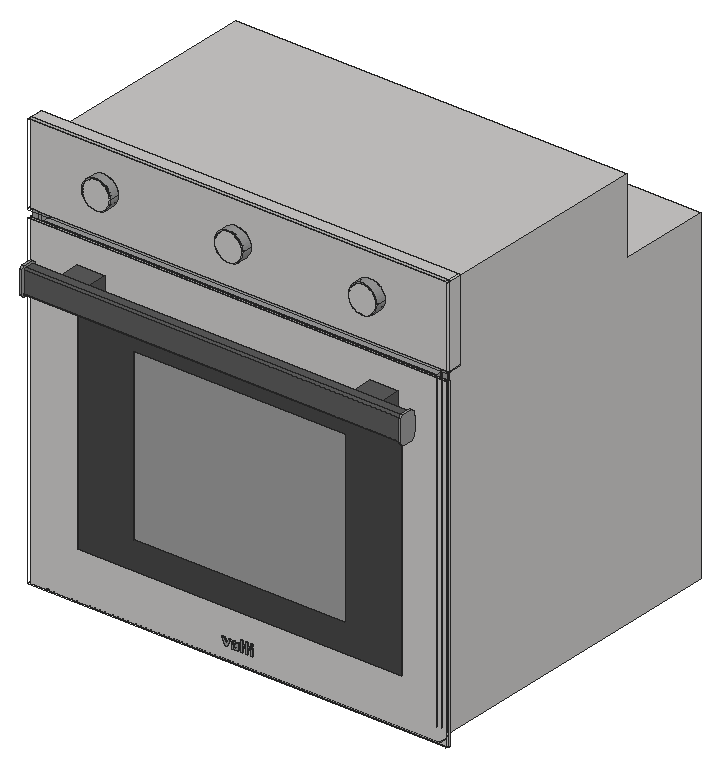
Revit family "53_OE619B-400SA", category Equipos especializados, Revit 2021
Family settings
  Cota de conector redondo = Diámetro de uso
  Tipo de pieza = Normal
  Se basa en plano de trabajo = No
  Siempre vertical = Sí
  Corte con vacíos al cargar = No
  Compartido = No
  Punto de cálculo de habitación = No
Parameters (values of type "OE619B-400SA")
  Volumen interior = "61 Litros"
  Voltage / Frecuencia = "220 V"
  Vidrio interior desmontable = "Easy Clean"
  URL = "www.vatti.cl"
  Tirador de puerta = "Acero Inox"
  Timer = "con Autoapagado"
  Termostato con luz indicadora = "Sí"
  Temporizador = "Sí"
  Temperatura Máxima = "250° C"
  Tamaño del producto = "600 x 600 x 515"
  Tamaño del corte en superficie = "600 x 600"
  Sello puerta = "Perimetral 100%"
  Rieles para bandejas = "Multiposición- Extraíbles"
  Puerta Vidiro = Panel Vidrio
  Puerta Negro = Panel Negro
  Puerta Interior = Interior Negro
  Potencia = "2035 W"
  Peso = "28,5 Kg"
  Perilla Interior = Perilla Negro
  Perilla Exterior = Acero Inox
  Paneles = "Vidrio - Acero Inox"
  Panel Control Cubierta = Panel Vidrio
  Panel Control = Panel Negro
  Modo de Control = "Con Autoapagado"
  Modelo = "OE619B-400SA"
  Fabricante = "Vatti"
  Luz Interior = "Sí"
  Instalación = "Empotrado"
  Grill = "Sí"
  Fondo = 51 cm
  Facilidad de Uso = "4 programas de cocción"
  Especificación Técnica = "Horno eléctrico empotrable, marca Vatti, modelo OE619B-400SA"
  Elevación por defecto = 0 cm
  Descripción = "Horno eléctrico empotrable, marca Vatti, modelo OE619B-400SA"
  Cuerpo Horno = Steel, Galvanized
  Creado por = "Unibim"
  Convección = "Forzada"
  Contacto teléfono = "+562 2 2478105"
  Contacto e-mail = "cvender@vatti.cl"
  Color Logo = Logo
  Asa Tope = Tapa Asa
  Asa Puerta de Horno = Iron, Gray
  Aprobaciones = "CE/GS/CB/SAA"
  Ancho = 60 cm
  Alto = 60 cm
  Aislación = "Triple Capa"
Reference planes (cm)
  plane 1 "Center (Front/Back)": y = 0
  plane 2: z = 0
  plane 3 "Center (Left/Right)": x = 0
  plane 4: z = 47.0672
  plane 5: y = 25.5
  plane 6: x = -30
  plane 7: x = 30
  plane 8: y = -25.5
  plane 9: x = -28.95
  plane 10: x = 28.95
  plane 11: z = 1.05
  plane 12: z = 48.0672
  plane 13: x = -28
  plane 14: x = 28
  plane 15: z = 60
Forms (cm)
  Extrusion 1, solid, material "Panel Vidrio" <- "Panel Control Cubierta"
    sketch origin (-91.772, -25.5, 400) x (-1, 0, 0) y (0, 0, 1)
      loop
        line (-61.922, -340.1328) -> (-121.622, -340.1328)
        arc (-121.622, -340.1328) -> (-121.728, -340.1768) -> (-121.772, -340.2828) r 0.15
        line (-121.772, -340.2828) -> (-121.772, -351.7828)
        arc (-121.772, -351.7828) -> (-121.728, -351.8889) -> (-121.622, -351.9328) r 0.15
        line (-121.622, -351.9328) -> (-61.922, -351.9328)
        arc (-61.922, -351.9328) -> (-61.8159, -351.8889) -> (-61.772, -351.7828) r 0.15
        line (-61.772, -351.7828) -> (-61.772, -340.2828)
        arc (-61.772, -340.2828) -> (-61.8159, -340.1768) -> (-61.922, -340.1328) r 0.15
    from 0 to 0.5
  Extrusion 2, solid, material "Panel Vidrio" <- "Puerta Vidiro"
    sketch origin (-91.772, -25.5, 400) x (-1, 0, 0) y (0, 0, 1)
      loop
        line (-121.772, -352.9328) -> (-121.772, -399.85)
        arc (-121.772, -399.85) -> (-121.728, -399.9561) -> (-121.622, -400) r 0.15
        line (-121.622, -400) -> (-61.922, -400)
        arc (-61.922, -400) -> (-61.8159, -399.9561) -> (-61.772, -399.85) r 0.15
        line (-61.772, -399.85) -> (-61.772, -352.9328) -> (-121.772, -352.9328)
    from 0 to 0.4
  Extrusion 3, solid, material "Steel, Galvanized"
    sketch origin (-91.772, -25, 400) x (-1, 0, 0) y (0, 0, 1)
      loop
        line (-61.922, -340.1328) -> (-121.622, -340.1328)
        arc (-121.622, -340.1328) -> (-121.728, -340.1768) -> (-121.772, -340.2828) r 0.15
        line (-121.772, -340.2828) -> (-121.772, -351.7828)
        arc (-121.772, -351.7828) -> (-121.728, -351.8889) -> (-121.622, -351.9328) r 0.15
        line (-121.622, -351.9328) -> (-61.922, -351.9328)
        arc (-61.922, -351.9328) -> (-61.8159, -351.8889) -> (-61.772, -351.7828) r 0.15
        line (-61.772, -351.7828) -> (-61.772, -340.2828)
        arc (-61.772, -340.2828) -> (-61.8159, -340.1768) -> (-61.922, -340.1328) r 0.15
    from 0 to 1.8
  Extrusion 4, solid, material "Steel, Galvanized"
    sketch origin (-91.772, -25.1, 400) x (-1, 0, 0) y (0, 0, 1)
      loop
        line (-68.522, -360.9328) -> (-115.022, -360.9328) -> (-115.022, -393.25) -> (-68.522, -393.25) -> (-68.522, -360.9328)
      loop
        line (-121.772, -352.9328) -> (-121.772, -399.85)
        arc (-121.772, -399.85) -> (-121.728, -399.9561) -> (-121.622, -400) r 0.15
        line (-121.622, -400) -> (-61.922, -400)
        arc (-61.922, -400) -> (-61.8159, -399.9561) -> (-61.772, -399.85) r 0.15
        line (-61.772, -399.85) -> (-61.772, -352.9328) -> (-121.772, -352.9328)
    from 0 to 0.1
  Extrusion 5, solid, material "Interior Negro" <- "Puerta Interior"
    sketch origin (-91.772, -25, 400) x (-1, 0, 0) y (0, 0, 1)
      loop
        line (-68.522, -360.9328) -> (-115.022, -360.9328) -> (-115.022, -393.25) -> (-68.522, -393.25) -> (-68.522, -360.9328)
      loop
        line (-63.5864, -352.8786) -> (-119.9575, -352.8786) -> (-119.9575, -398.1)
        arc (-119.9575, -398.1) -> (-119.8885, -398.2666) -> (-119.722, -398.3356) r 0.2356
        line (-119.722, -398.3356) -> (-63.822, -398.3356)
        arc (-63.822, -398.3356) -> (-63.6554, -398.2666) -> (-63.5864, -398.1) r 0.2356
        line (-63.5864, -398.1) -> (-63.5864, -352.8786)
    from 0 to 2.04
  Extrusion 6, solid, material "Acero Inox" <- "Perilla Exterior"
    sketch origin (-91.772, -25.5, 400) x (1, 0, 0) y (0, 0, 1)
      loop
        circle (91.672, -345.5028) r 2.07
      loop
        circle (91.672, -345.5028) r 1.94
      loop
        circle (110.872, -345.5028) r 2.07
      loop
        circle (110.872, -345.5028) r 1.94
      loop
        circle (72.672, -345.5028) r 2.07
      loop
        circle (72.672, -345.5028) r 1.94
    from 0.1 to 1.4
  Extrusion 7, solid, material "Steel, Galvanized"
    sketch origin (-91.772, -25.5, 400) x (1, 0, 0) y (0, 0, 1)
      loop
        circle (91.672, -345.5028) r 1.94
      loop
        circle (110.872, -345.5028) r 1.94
      loop
        circle (72.672, -345.5028) r 1.94
    from 0 to 1.5
  Extrusion 8, solid, material "Steel, Galvanized" <- "Cuerpo Horno"
    sketch origin (-28.95, -153.4, 86.4408) x (0, 0, 1) y (0, -1, 0)
      loop
        line (-39.4408, -175.95) -> (-39.4408, -162.75) -> (-28.6408, -162.75) -> (-28.6408, -130.1) -> (-86.4408, -130.1) -> (-86.4408, -175.95) -> (-39.4408, -175.95)
    from 0.85 to 56.85
  Extrusion 9, solid, material "Panel Interior"
    sketch origin (-91.772, -22.96, 400) x (-1, 0, 0) y (0, 0, 1)
      loop
        line (-68.522, -360.9328) -> (-115.022, -360.9328) -> (-115.022, -393.25) -> (-68.522, -393.25) -> (-68.522, -360.9328)
    from 0 to -2.12
  Sweep 10, solid, material "Interior Negro"
    path origin (-91.772, -23.1558, 400) x (-1, 0, 0) y (0, 0, 1)
      loop
        line (-119.772, -351.9328) -> (-119.772, -398.1)
        arc (-119.772, -398.1) -> (-119.728, -398.2061) -> (-119.622, -398.25) r 0.15
        line (-119.622, -398.25) -> (-63.922, -398.25)
        arc (-63.922, -398.25) -> (-63.8159, -398.2061) -> (-63.772, -398.1) r 0.15
        line (-63.772, -398.1) -> (-63.772, -351.9328)
    profile origin (-28, -23.1558, 24.9836) x (1, 0, 0) y (0, 1, 0)
      loop
        line (0, 0) -> (-0.0856, 0) -> (-0.7013, -1.6222)
        arc (-0.7013, -1.6222) -> (-0.7821, -1.7252) -> (-0.907, -1.7642) r 0.22
        line (-0.907, -1.7642) -> (-1.71, -1.7642)
        arc (-1.71, -1.7642) -> (-1.75, -1.8042) -> (-1.71, -1.8442) r 0.04
        line (-1.71, -1.8442) -> (-0.907, -1.8442)
        arc (-0.907, -1.8442) -> (-0.7366, -1.7911) -> (-0.6265, -1.6506) r 0.3
        line (-0.6265, -1.6506) -> (0, 0)
  Extrusion 11, solid, material "Iron, Gray" <- "Asa Puerta de Horno"
    sketch origin (0, 0, 0) x (0, 1, 0) y (0, 0, 1)
      loop
        line (-29.85, 43.7172) -> (-30.1, 43.4672) -> (-30.1, 40.3672) -> (-29.85, 40.1172) -> (-28.55, 40.1172) -> (-28.3, 40.3672)
        arc (-28.3, 40.3672) -> (-28.1063, 41.9172) -> (-28.3, 43.4672) r 6.3
        line (-28.3, 43.4672) -> (-28.55, 43.7172) -> (-29.85, 43.7172)
    from -27 to 27
  Extrusion 12, solid, material "Iron, Gray" <- "Asa Puerta de Horno"
    sketch origin (-91.772, -25.5, 400) x (-1, 0, 0) y (0, 0, 1)
      loop
        line (-68.772, -356.5328) -> (-72.772, -356.5328) -> (-72.772, -359.6328) -> (-68.772, -359.6328) -> (-68.772, -356.5328)
      loop
        line (-114.772, -356.5328) -> (-114.772, -359.6328) -> (-110.772, -359.6328) -> (-110.772, -356.5328) -> (-114.772, -356.5328)
    from 0 to -3.1064
  Blend 13, solid, material "Steel, Galvanized" <- "Cuerpo Horno"
    base sketch origin (-28.95, 22.55, 0) x (0, 0, 1) y (1, 0, 0)
      loop
        line (44, 8.85) -> (44, 48.85)
        arc (44, 48.85) -> (42.5355, 52.3855) -> (39, 53.85) r 5
        line (39, 53.85) -> (8, 53.85)
        arc (8, 53.85) -> (4.4645, 52.3855) -> (3, 48.85) r 5
        line (3, 48.85) -> (3, 8.85)
        arc (3, 8.85) -> (4.4645, 5.3145) -> (8, 3.85) r 5
        line (8, 3.85) -> (39, 3.85)
        arc (39, 3.85) -> (42.5355, 5.3145) -> (44, 8.85) r 5
    top sketch origin (-28.95, 22.55, 0) x (0, 0, 1) y (1, 0, 0)
      loop
        line (41, 8.85) -> (41, 48.85)
        arc (41, 48.85) -> (40.4142, 50.2642) -> (39, 50.85) r 2
        line (39, 50.85) -> (8, 50.85)
        arc (8, 50.85) -> (6.5858, 50.2642) -> (6, 48.85) r 2
        line (6, 48.85) -> (6, 8.85)
        arc (6, 8.85) -> (6.5858, 7.4358) -> (8, 6.85) r 2
        line (8, 6.85) -> (39, 6.85)
        arc (39, 6.85) -> (40.4142, 7.4358) -> (41, 8.85) r 2
    from 0 to 2.95
  Extrusion 14, solid, material "Panel Negro" <- "Panel Control"
    sketch origin (-28.95, 9.35, 47) x (0, 0, 1) y (1, 0, 0)
      loop
        line (8.3, 41.85) -> (8.3, 50.85) -> (2.5, 50.85) -> (2.5, 41.85) -> (8.3, 41.85)
    from 0 to 3
  Extrusion 15, solid, material "Tapa Asa" <- "Asa Tope"
    sketch origin (-27, 0, 0) x (0, -1, 0) y (0, 0, 1)
      loop
        line (28.4672, 43.9172) -> (28.12, 43.57)
        arc (28.12, 43.57) -> (27.9063, 41.9172) -> (28.12, 40.2643) r 6.5
        line (28.12, 40.2643) -> (28.4672, 39.9172) -> (29.9328, 39.9172) -> (30.3, 40.2843) -> (30.3, 43.55) -> (29.9328, 43.9172) -> (28.4672, 43.9172)
    from 0 to 0.3
  Extrusion 16, solid, material "Tapa Asa" <- "Asa Tope"
    sketch origin (27, 0, 0) x (0, -1, 0) y (0, 0, -1)
      loop
        line (28.4672, -43.9172) -> (29.9328, -43.9172) -> (30.3, -43.55) -> (30.3, -40.2843) -> (29.9328, -39.9172) -> (28.4672, -39.9172) -> (28.12, -40.2643)
        arc (28.12, -40.2643) -> (27.9063, -41.9172) -> (28.12, -43.57) r 6.5
        line (28.12, -43.57) -> (28.4672, -43.9172)
    from 0 to 0.3
  Extrusion 17, solid, material "Panel Negro" <- "Puerta Negro"
    sketch origin (-91.772, -25.1, 400) x (-1, 0, 0) y (0, 0, 1)
      loop
        line (-68.522, -360.9328) -> (-115.022, -360.9328) -> (-115.022, -393.25) -> (-68.522, -393.25) -> (-68.522, -360.9328)
      loop
        line (-107.022, -364.9328) -> (-107.022, -389.25) -> (-76.522, -389.25) -> (-76.522, -364.9328) -> (-107.022, -364.9328)
    from 0 to 0.1
Cuts and joins
  joined: Extrusion 8, Blend 13
  joined: Extrusion 11, Extrusion 12
Dimensions and locks (cm)
  equal spacing: plane 6, plane 3 "Center (Left/Right)", plane 7
  equal spacing: plane 5, plane 1 "Center (Front/Back)", plane 8
  "Fondo": plane 5 to plane 8
  "Ancho": plane 6 to plane 7
  plane 9 to plane 6 = 1.05 cm
  plane 7 to plane 10 = 1.05 cm
  plane 11 to level = 1.05 cm
  plane 4 to level = 47.0672 cm
  plane 12 to plane 4 = 1 cm
  "Alto": plane 15 to level
  aligned and locked: level to plane 2
Automatic sketch dimensions
  Extrusion 1 sketch curve to plane 7 = 0 cm
  Extrusion 1 sketch curve to plane 12 = 0 cm
  Extrusion 1 sketch curve to plane 6 = 0 cm
  Extrusion 1 sketch curve to Extrusion 1 sketch curve = 0.15 cm  (x2)
  plane 6 to Extrusion 1 sketch curve = 0.15 cm  (x2)
  Extrusion 1 sketch curve to plane 15 = 0.2828 cm
  Extrusion 2 sketch curve to level = 0 cm
  level to Extrusion 2 sketch curve = 0.15 cm
  Extrusion 2 sketch curve to Extrusion 2 sketch curve = 0.15 cm
  Extrusion 3 sketch curve to Extrusion 1 = 0.15 cm  (x2)
  Extrusion 4 sketch curve to Extrusion 4 sketch curve = 0.15 cm
  Extrusion 4 sketch curve to Extrusion 2 = 6.75 cm  (x3)
  Extrusion 5 sketch curve to Extrusion 4 = 0 cm  (x4)
  Extrusion 5 sketch curve to Extrusion 4 = 2.05 cm  (x2)
  Extrusion 5 sketch curve to Extrusion 4 = 1.8144 cm
  Extrusion 5 sketch curve to Extrusion 5 sketch curve = 0.2356 cm
  Extrusion 5 sketch curve to Extrusion 4 = 1.9 cm
  Extrusion 6 sketch curve to Extrusion 6 sketch curve = 0 cm  (x6)
  Extrusion 6 sketch curve to Extrusion 1 = 5.37 cm  (x3)
  Extrusion 6 sketch curve to Extrusion 1 = 10.9 cm  (x2)
  Extrusion 6 sketch curve to Extrusion 6 sketch curve = 19 cm
  Extrusion 7 sketch curve to Extrusion 7 sketch curve = 0 cm  (x6)
  Extrusion 7 sketch curve to Extrusion 1 = 5.37 cm  (x3)
  Extrusion 7 sketch curve to Extrusion 1 = 10.9 cm  (x2)
  Extrusion 7 sketch curve to Extrusion 7 sketch curve = 19 cm
  Extrusion 7 sketch curve to Extrusion 7 sketch curve = 1.94 cm  (x3)
  Extrusion 8 sketch curve to level = 0 cm
  Extrusion 8 sketch curve to plane 4 = 0.0672 cm
  Extrusion 8 sketch curve to plane 15 = 2.2 cm
  Extrusion 8 sketch curve to plane 5 = 2.95 cm
  Extrusion 8 sketch curve to plane 1 "Center (Front/Back)" = 9.35 cm
  plane 8 to Extrusion 8 sketch curve = 2.2 cm
  Extrusion 9 sketch curve to Extrusion 5 = 0 cm  (x4)
  plane 14 to Sweep 10 sketch curve = 0 cm
  Sweep 10 sketch curve to plane 12 = 0 cm  (x2)
  plane 13 to Sweep 10 sketch curve = 0 cm
  plane 14 to Sweep 10 sketch curve = 0.15 cm
  Sweep 10 sketch curve to Sweep 10 sketch curve = 0.15 cm
  plane 11 to Sweep 10 sketch curve = 0.85 cm
  Sweep 10 sketch curve to Sweep 10 sketch curve = 0 cm  (x2)
  Sweep 10 sketch curve to profile plane = 0 cm  (x2)
  Sweep 10 sketch curve to Sweep 10 sketch curve = 0.0856 cm
  profile plane to Sweep 10 sketch curve = 0.6265 cm
  Sweep 10 sketch curve to Sweep 10 sketch curve = 0.0748 cm
  Sweep 10 sketch curve to Sweep 10 sketch curve = 0.2057 cm
  Sweep 10 sketch curve to Sweep 10 sketch curve = 0.803 cm
  Sweep 10 sketch curve to profile plane = 1.5442 cm
  Sweep 10 sketch curve to Sweep 10 sketch curve = 0.0781 cm
  Sweep 10 sketch curve to Sweep 10 sketch curve = 0.0284 cm
  Extrusion 11 sketch curve to plane 8 = 8.9063 cm
  Extrusion 11 sketch curve to Extrusion 11 sketch curve = 4.3063 cm
  Extrusion 11 sketch curve to Extrusion 11 sketch curve = 0.25 cm  (x7)
  Extrusion 11 sketch curve to Extrusion 11 sketch curve = 1.3 cm  (x2)
  Extrusion 11 sketch curve to plane 4 = 6.95 cm
  Extrusion 11 sketch curve to Extrusion 11 sketch curve = 1.55 cm
  Extrusion 11 sketch curve to Extrusion 11 sketch curve = 0 cm
  plane 14 to Extrusion 12 sketch curve = 5 cm
  Extrusion 12 sketch curve to Extrusion 12 sketch curve = 4 cm  (x2)
  Extrusion 12 sketch curve to plane 4 = 3.6 cm  (x2)
  Extrusion 12 sketch curve to plane 13 = 9 cm
  Extrusion 12 sketch curve to Extrusion 12 sketch curve = 3.1 cm  (x2)
  Blend 13 sketch curve to Extrusion 8 = 3 cm
  Extrusion 8 to Blend 13 sketch curve = 3 cm  (x3)
  Blend 13 sketch curve to Blend 13 sketch curve = 5 cm  (x2)
  Extrusion 8 to Blend 13 sketch curve = 8 cm  (x5)
  Blend 13 sketch curve to Extrusion 8 = 6 cm
  Blend 13 sketch curve to Blend 13 sketch curve = 2 cm  (x3)
  Extrusion 8 to Blend 13 sketch curve = 6 cm
  Extrusion 8 to Extrusion 14 sketch curve = 2.5 cm  (x2)
  Extrusion 8 to Extrusion 14 sketch curve = 15 cm
  Extrusion 8 to Extrusion 14 sketch curve = 6 cm
  Extrusion 11 to Extrusion 15 sketch curve = 0.2 cm  (x3)
  Extrusion 15 sketch curve to Extrusion 11 = 0.1672 cm  (x4)
  Extrusion 15 sketch curve to Extrusion 15 sketch curve = 1.4657 cm  (x2)
  Extrusion 15 sketch curve to Extrusion 11 = 0.1471 cm  (x2)
  Extrusion 16 sketch curve to plane 8 = 2.62 cm  (x2)
  Extrusion 16 sketch curve to Extrusion 16 sketch curve = 0.3471 cm  (x4)
  Extrusion 16 sketch curve to Extrusion 16 sketch curve = 1.4657 cm  (x2)
  Extrusion 16 sketch curve to Extrusion 16 sketch curve = 0.3672 cm  (x2)
  Extrusion 16 sketch curve to Extrusion 16 sketch curve = 4.1063 cm
  Extrusion 16 sketch curve to plane 4 = 3.15 cm
  Extrusion 16 sketch curve to Extrusion 16 sketch curve = 1.6328 cm
  Extrusion 16 sketch curve to Extrusion 16 sketch curve = 0.02 cm
  Extrusion 2 sketch curve to plane 7 = 0 cm
  Extrusion 2 sketch curve to plane 4 = 0 cm
  Extrusion 2 sketch curve to plane 6 = 0 cm
  Extrusion 4 sketch curve to Extrusion 2 = 8 cm
  Extrusion 4 sketch curve to Extrusion 2 = 0 cm  (x2)
  Extrusion 4 to Extrusion 5 sketch curve = 0.0543 cm
  Extrusion 17 sketch curve to Extrusion 2 = 6.75 cm  (x3)
  Extrusion 17 sketch curve to Extrusion 2 = 8 cm
  Extrusion 17 sketch curve to Extrusion 2 = 10.75 cm
  Extrusion 17 sketch curve to Extrusion 17 sketch curve = 24.3172 cm
  Extrusion 17 sketch curve to Extrusion 2 = 14.75 cm
  Extrusion 17 sketch curve to Extrusion 17 sketch curve = 8 cm
  radius of Extrusion 3 sketch curve to Extrusion 1 = 0 cm  (x2)
  radius of Extrusion 4 sketch curve to Extrusion 2 = 0 cm
  radius of Extrusion 6 sketch curve = 2.07 cm  (x3)
  radius of Extrusion 6 sketch curve = 1.94 cm  (x3)
  radius of Extrusion 11 to Extrusion 15 sketch curve = 0.2 cm
Nested families (cm)
  nested 1: "Logo Plano" at (0, -25.5, 2.9579) x (1, 0, 0) z (0, -1, 0), type "Logo Plano"
Connectors (cm)
  electrical at (17.4, 12.35, 52.4)
    settings: on Extrusion 14, index 1, voltage 220 V, apparent load 0 VA, apparent load phase1 0 VA, apparent load phase2 0 VA, apparent load phase3 0 VA, power factor 1, load classification "Other", number of poles 1, system type 31, power factor state 1, is connector primary yes, connector utility no, sub classification motor no, connector description ""
Definition of nested family "Logo Plano"
  Parameters (values of type "Logo Plano")
    Default Elevation = 121.92 cm
    Color Logo = none
  Reference planes (cm)
    plane 1 "Center (Front/Back)": y = 0
    plane 2: z = 0
    plane 3 "Center (Left/Right)": x = 0
  Forms (cm)
    Extrusion 1, solid
      sketch origin (0, 0, 0) x (1, 0, 0) y (0, 1, 0)
        loop
          line (-121.92, 121.92) -> (-121.92, -121.92) -> (121.92, -121.92) -> (121.92, 121.92) -> (-121.92, 121.92)
      from 0 to -30.48
    Extrusion 2, solid, material <- "Color Logo"
      sketch origin (0, 0, 0) x (1, 0, 0) y (0, 1, 0)
        loop
          line (1.8947, 0.6129) -> (1.8947, 0.3229) -> (2.2247, 0.3229) -> (2.2247, 0.6129) -> (1.8947, 0.6129)
        loop
          line (1.8947, -0.873) -> (2.2247, -0.873) -> (2.2247, 0.1687) -> (1.8947, 0.1687) -> (1.8947, -0.873)
        loop
          line (1.2047, 0.6129) -> (1.2047, -0.773)
          arc (1.2047, -0.773) -> (1.2339, -0.8437) -> (1.3047, -0.873) r 0.1
          line (1.3047, -0.873) -> (1.5347, -0.873) -> (1.5347, -0.1313) -> (1.7247, -0.1313) -> (1.7247, 0.1687) -> (1.5347, 0.1687) -> (1.5347, 0.6129) -> (1.2047, 0.6129)
        loop
          line (0.4944, 0.6129) -> (0.4944, -0.773)
          arc (0.4944, -0.773) -> (0.5236, -0.8437) -> (0.5944, -0.873) r 0.1
          line (0.5944, -0.873) -> (0.8244, -0.873) -> (0.8244, -0.1313) -> (1.0144, -0.1313) -> (1.0144, 0.1687) -> (0.8244, 0.1687) -> (0.8244, 0.6129) -> (0.4944, 0.6129)
        loop
          line (0.0962, 0.1687) -> (-0.6704, 0.1687) -> (-0.7785, -0.063) -> (-0.1838, -0.063)
          arc (-0.1838, -0.063) -> (-0.1484, -0.0777) -> (-0.1338, -0.113) r 0.05
          line (-0.1338, -0.113) -> (-0.1338, -0.233) -> (-0.7438, -0.233)
          arc (-0.7438, -0.233) -> (-0.8145, -0.2623) -> (-0.8438, -0.333) r 0.1
          line (-0.8438, -0.333) -> (-0.8438, -0.773)
          arc (-0.8438, -0.773) -> (-0.8145, -0.8437) -> (-0.7438, -0.873) r 0.1
          line (-0.7438, -0.873) -> (0.0962, -0.873)
          arc (0.0962, -0.873) -> (0.1669, -0.8437) -> (0.1962, -0.773) r 0.1
          line (0.1962, -0.773) -> (0.1962, 0.0687)
          arc (0.1962, 0.0687) -> (0.1669, 0.1394) -> (0.0962, 0.1687) r 0.1
        loop
          line (-0.1838, -0.468) -> (-0.4538, -0.468)
          arc (-0.4538, -0.468) -> (-0.4891, -0.4827) -> (-0.5038, -0.518) r 0.05
          line (-0.5038, -0.518) -> (-0.5038, -0.598)
          arc (-0.5038, -0.598) -> (-0.4891, -0.6334) -> (-0.4538, -0.648) r 0.05
          line (-0.4538, -0.648) -> (-0.1838, -0.648)
          arc (-0.1838, -0.648) -> (-0.1484, -0.6334) -> (-0.1338, -0.598) r 0.05
          line (-0.1338, -0.598) -> (-0.1338, -0.518)
          arc (-0.1338, -0.518) -> (-0.1484, -0.4827) -> (-0.1838, -0.468) r 0.05
        loop
          line (-1.8848, 0.1687) -> (-2.2224, 0.1687) -> (-1.7934, -0.7357)
          arc (-1.7934, -0.7357) -> (-1.5765, -0.8728) -> (-1.3597, -0.7357) r 0.24
          line (-1.3597, -0.7357) -> (-0.9307, 0.1687) -> (-1.2682, 0.1687) -> (-1.5765, -0.4812) -> (-1.8848, 0.1687)
      from 0 to 0.1
    Extrusion 3, void
      sketch origin (0, 0, 0) x (1, 0, 0) y (0, 1, 0)
        loop
          line (-2.5564, 1.2198) -> (-2.5564, -1.2802) -> (2.6825, -1.2802) -> (2.6825, 1.2198) -> (-2.5564, 1.2198)
      from 0.02 to 0.1
  Cuts and joins
    Extrusion 3 cuts Extrusion 2
  Dimensions and locks (cm)
    aligned and locked: plane 2 to Extrusion 1
    aligned and locked: level to Extrusion 1
